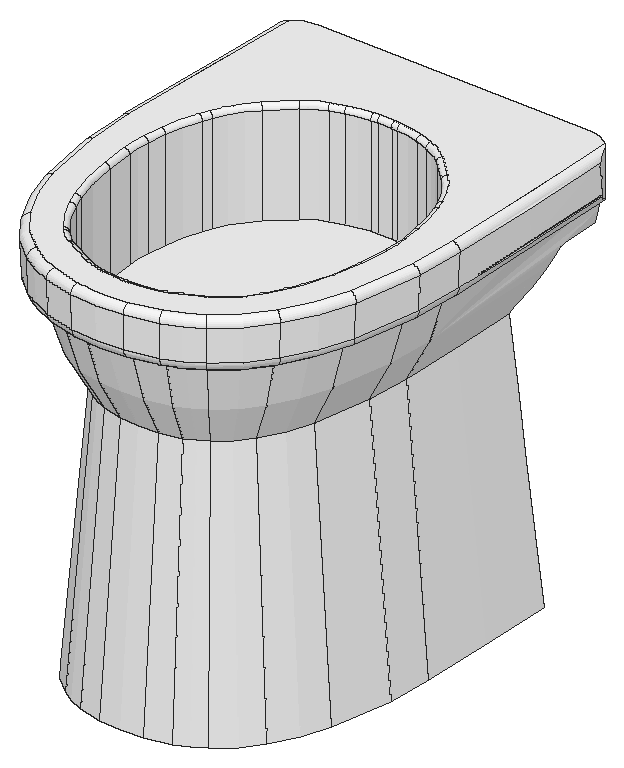
Revit family "NLRS_74_PF_UN_toilet_S8001300000_SPHINX_BCB", category Plumbing Fixtures, Revit 2016
Family settings
  Part Type = Normal
  Round Connector Dimension = Use Radius
  OmniClass Number = 23.45.00.00
  OmniClass Title = Sanitary, Laundry, and Cleaning Equipment
  Work Plane-Based = No
  Always vertical = Yes
  Cut with Voids When Loaded = No
  Shared = No
  Room Calculation Point = No
Parameters (values of type "300 closet 64 PK 3cm")
  NLRS_C_type = "Staand closet vlakspoel verhoogd"  # constant formula
  NLRS_C_serie = "Sphinx 300 Comfort"  # constant formula
  NLRS_C_revit_versie = "2016"
  NLRS_C_content_versie = "2.0"
  NLRS_C_content_provider = "BouwConnect"
  NLRS_C_content_datum_uitgifte = "APR-2018"
  NLRS_C_content_datum_gewijzigd = "APR-2018"
  NLRS_C_content_creator = "BouwConnect"
  NLRS_C_URL_product_data = "http://www.sphinx.nl/producten/special-products/comfort-%7C-care/sphinx-300-comfort-%7C-closet-64-pk-3/27696/#gref"
  NLRS_C_code_artikel = "S8001300000"  # constant formula
  WFU = 0
  URL = "http://www.sphinx.nl/"
  NLRS_S_gewicht = 18.50 kg  # constant formula
  NLRS_C_materiaal = NLRS_g3_porcelein_wit
  NLRS_C_lengte = 470 mm  # constant formula
  NLRS_C_hoogte = 420 mm  # constant formula
  NLRS_C_diameter_uit = 102 mm  # constant formula
  NLRS_C_diameter_in = 55 mm  # constant formula
  NLRS_C_breedte = 355 mm  # constant formula
  Model = "300 closet 64 PK 3cm"  # constant formula
  Manufacturer = "Sphinx"  # constant formula
  Keynote = "closet"
  IfcTypeProduct = "IfcSanitaryTerminalType"  # constant formula
  IfcExportType = "TOILETPAN"  # constant formula
  IfcExportAs = "IfcSanitaryTerminalTypeEnum"  # constant formula
  IfcElement = "IfcFlowTerminal"  # constant formula
  NLRS_C_code_EAN = "8711754164352"  # constant formula
  Description = "toilet"
  CWFU = 0
  NLRS_C_URL_BCB = "http://bcb-online.nl/?zoekterm=Sphinx+++%5bGeberit+B.V.%5d"
  Assembly Code = "4(74.11)"
Reference planes
  plane 1 "Center (Front/Back)": y = 0
  plane 2: z = 0
  plane 3 "Center (Left/Right)": x = 0
Forms (mm)
  Extrusion 1, solid, material "NLRS_g3_porcelein_wit" <- "NLRS_C_materiaal", detail levels medium+fine
    sketch origin (0, 0, 0) x (1, 0, 0) y (0, 1, 0)
      loop
        arc (177.5, -213) -> (176.805, -120.854) -> (174.011, -28.748) r 4044.33
        arc (174.011, -28.748) -> (163.771, -8.262) -> (142.411, 0) r 31.741
        line (142.411, 0) -> (-142.411, 0)
        arc (-142.411, 0) -> (-163.771, -8.262) -> (-174.011, -28.748) r 31.741
        arc (-174.011, -28.748) -> (-176.805, -120.854) -> (-177.5, -213) r 4044.33
        arc (-177.5, -213) -> (-176.916, -238.256) -> (-175.36, -263.47) r 655.762
        arc (-175.36, -263.47) -> (-170.986, -297.87) -> (-163.5, -331.73) r 380.666
        arc (-163.5, -331.73) -> (-151.998, -364.895) -> (-135.94, -396.11) r 248.599
        arc (-135.94, -396.11) -> (-117.281, -420.642) -> (-93.94, -440.77) r 147.801
        arc (-93.94, -440.77) -> (-77.154, -450.828) -> (-59.17, -458.54) r 145.378
        arc (-59.17, -458.54) -> (-43.436, -463.176) -> (-27.31, -466.18) r 160.245
        arc (-27.31, -466.18) -> (0, -467.998) -> (27.31, -466.18) r 206.026
        arc (27.31, -466.18) -> (43.436, -463.176) -> (59.17, -458.54) r 160.245
        arc (59.17, -458.54) -> (77.154, -450.828) -> (93.94, -440.77) r 145.378
        arc (93.94, -440.77) -> (117.281, -420.642) -> (135.94, -396.11) r 147.801
        arc (135.94, -396.11) -> (151.998, -364.895) -> (163.5, -331.73) r 248.599
        arc (163.5, -331.73) -> (170.986, -297.87) -> (175.36, -263.47) r 380.666
        arc (175.36, -263.47) -> (176.916, -238.256) -> (177.5, -213) r 655.762
    from 0 to 420
  Sweep 2, void, detail levels medium+fine
    path in 3D
      loop
        arc (171.449, 24.272, 420) -> (176.215, -94.32, 420) -> (177.5, -213, 420) r 4044.33
        arc (177.5, -213, 420) -> (176.916, -238.256, 420) -> (175.36, -263.47, 420) r 655.762
        arc (175.36, -263.47, 420) -> (170.986, -297.87, 420) -> (163.5, -331.73, 420) r 380.666
        arc (163.5, -331.73, 420) -> (151.998, -364.895, 420) -> (135.94, -396.11, 420) r 248.599
        arc (135.94, -396.11, 420) -> (117.281, -420.642, 420) -> (93.94, -440.77, 420) r 147.801
        arc (93.94, -440.77, 420) -> (77.154, -450.828, 420) -> (59.17, -458.54, 420) r 145.378
        arc (59.17, -458.54, 420) -> (43.436, -463.176, 420) -> (27.31, -466.18, 420) r 160.245
        arc (27.31, -466.18, 420) -> (0, -467.998, 420) -> (-27.31, -466.18, 420) r 206.026
        arc (-27.31, -466.18, 420) -> (-43.436, -463.176, 420) -> (-59.17, -458.54, 420) r 160.245
        arc (-59.17, -458.54, 420) -> (-77.154, -450.828, 420) -> (-93.94, -440.77, 420) r 145.378
        arc (-93.94, -440.77, 420) -> (-117.281, -420.642, 420) -> (-135.94, -396.11, 420) r 147.801
        arc (-135.94, -396.11, 420) -> (-151.998, -364.895, 420) -> (-163.5, -331.73, 420) r 248.599
        arc (-163.5, -331.73, 420) -> (-170.986, -297.87, 420) -> (-175.36, -263.47, 420) r 380.666
        arc (-175.36, -263.47, 420) -> (-176.916, -238.256, 420) -> (-177.5, -213, 420) r 655.762
        arc (-177.5, -213, 420) -> (-176.298, -97.629, 420) -> (-171.806, 17.66, 420) r 4044.33
    profile origin (0, -467.998, 420) x (0, -1, 0) y (0, 0, 1)
      loop
        line (-56.708, -145.654) -> (-31.711, -436.566) -> (11.723, -436.566) -> (11.723, 8.434) -> (-8.277, 8.434) -> (-8.277, 0)
        arc (-8.277, 0) -> (-2.525, -2.44) -> (-0.282, -8.273) r 8
        line (-0.282, -8.273) -> (-1.417, -41.546)
        arc (-1.417, -41.546) -> (-3.569, -47.62) -> (-8.823, -51.35) r 10.68
        line (-8.823, -51.35) -> (-14.271, -53.24)
        arc (-14.271, -53.24) -> (-16.365, -54.638) -> (-17.513, -56.878) r 5
        arc (-17.513, -56.878) -> (-32.728, -103.201) -> (-56.708, -145.654) r 248.11
  Extrusion 3, void, detail levels medium+fine
    sketch origin (0, 0, 0) x (0, 1, 0) y (0, 0, 1)
      loop
        line (-77.748, 284.336) -> (-59.091, -14.567) -> (8.41, -14.567) -> (8.41, 336) -> (-41.59, 336)
        arc (-41.59, 336) -> (-46.72, 334.394) -> (-50.02, 330.15) r 8.999
        arc (-50.02, 330.15) -> (-61.663, 305.899) -> (-77.748, 284.336) r 139.375
    from -186.234 to 190.903
  Sweep 4, void, detail levels medium+fine
    path origin (0, 0, 0) x (1, 0, 0) y (0, 1, 0)
      loop
        line (13.812, -91.048) -> (7.377, -90.56)
        arc (7.377, -90.56) -> (0, -90.28) -> (-7.377, -90.56) r 97.537
        line (-7.377, -90.56) -> (-13.812, -91.048)
        arc (-13.812, -91.048) -> (-25.706, -92.648) -> (-37.336, -95.616) r 103.439
        line (-37.336, -95.616) -> (-51.096, -99.992)
        arc (-51.096, -99.992) -> (-62.094, -104.938) -> (-71.679, -112.256) r 52.674
        line (-71.679, -112.256) -> (-93.986, -133.747)
        arc (-93.986, -133.747) -> (-107.6, -150.097) -> (-117.33, -169.018) r 97.18
        line (-117.33, -169.018) -> (-120.853, -178.232)
        arc (-120.853, -178.232) -> (-126.494, -196.178) -> (-129.919, -214.674) r 155
        line (-129.919, -214.674) -> (-132.332, -234.287)
        arc (-132.332, -234.287) -> (-133.121, -246.227) -> (-132.561, -258.179) r 106.113
        line (-132.561, -258.179) -> (-129.492, -287.795)
        arc (-129.492, -287.795) -> (-124.601, -315.505) -> (-115.81, -342.236) r 196.972
        line (-115.81, -342.236) -> (-110.354, -355.54)
        arc (-110.354, -355.54) -> (-101.315, -373.487) -> (-89.619, -389.826) r 130
        line (-89.619, -389.826) -> (-86.69, -393.312)
        arc (-86.69, -393.312) -> (-80.43, -399.422) -> (-73.092, -404.183) r 44.309
        line (-73.092, -404.183) -> (-43.328, -419.553)
        arc (-43.328, -419.553) -> (-33.978, -423.339) -> (-24.095, -425.355) r 55
        line (-24.095, -425.355) -> (-14.026, -426.46)
        arc (-14.026, -426.46) -> (0, -427.228) -> (14.026, -426.46) r 128.529
        line (14.026, -426.46) -> (24.095, -425.355)
        arc (24.095, -425.355) -> (33.978, -423.339) -> (43.328, -419.553) r 55
        line (43.328, -419.553) -> (73.092, -404.183)
        arc (73.092, -404.183) -> (80.43, -399.422) -> (86.69, -393.312) r 44.309
        line (86.69, -393.312) -> (89.619, -389.826)
        arc (89.619, -389.826) -> (101.315, -373.487) -> (110.354, -355.54) r 130
        line (110.354, -355.54) -> (115.81, -342.236)
        arc (115.81, -342.236) -> (124.601, -315.505) -> (129.492, -287.795) r 196.972
        line (129.492, -287.795) -> (132.561, -258.179)
        arc (132.561, -258.179) -> (133.121, -246.227) -> (132.332, -234.287) r 106.113
        line (132.332, -234.287) -> (129.919, -214.674)
        arc (129.919, -214.674) -> (126.494, -196.178) -> (120.853, -178.232) r 155
        line (120.853, -178.232) -> (117.33, -169.018)
        arc (117.33, -169.018) -> (107.6, -150.097) -> (93.986, -133.747) r 97.18
        line (93.986, -133.747) -> (71.679, -112.256)
        arc (71.679, -112.256) -> (62.094, -104.938) -> (51.096, -99.992) r 52.674
        line (51.096, -99.992) -> (37.336, -95.616)
        arc (37.336, -95.616) -> (25.706, -92.648) -> (13.812, -91.048) r 103.439
    profile origin (10.594, -90.804, 0) x (-0.075634, -0.997136, 0) y (0, 0, 1)
      loop
        line (0, 311.556) -> (30, 311.556) -> (30, 422.936) -> (-5, 422.936) -> (-5, 420)
        arc (-5, 420) -> (-1.464, 418.536) -> (0, 415) r 5
        line (0, 415) -> (0, 311.556)
  Extrusion 5, void, detail levels medium+fine
    sketch origin (0, 0, 0) x (1, 0, 0) y (0, 1, 0)
      loop
        line (13.736, -92.045) -> (0, -91.003) -> (-13.736, -92.045)
        arc (-13.736, -92.045) -> (-25.516, -93.63) -> (-37.033, -96.569) r 102.439
        line (-37.033, -96.569) -> (-50.793, -100.945)
        arc (-50.793, -100.945) -> (-61.583, -105.797) -> (-70.986, -112.976) r 51.674
        line (-70.986, -112.976) -> (-93.292, -134.467)
        arc (-93.292, -134.467) -> (-106.766, -150.649) -> (-116.396, -169.375) r 96.18
        line (-116.396, -169.375) -> (-119.919, -178.59)
        arc (-119.919, -178.59) -> (-125.524, -196.419) -> (-128.927, -214.796) r 154
        line (-128.927, -214.796) -> (-131.34, -234.409)
        arc (-131.34, -234.409) -> (-132.121, -246.236) -> (-131.566, -258.076) r 105.113
        line (-131.566, -258.076) -> (-128.498, -287.692)
        arc (-128.498, -287.692) -> (-123.631, -315.261) -> (-114.885, -341.856) r 195.972
        line (-114.885, -341.856) -> (-109.429, -355.161)
        arc (-109.429, -355.161) -> (-100.459, -372.969) -> (-88.853, -389.183) r 129
        line (-88.853, -389.183) -> (-85.924, -392.669)
        arc (-85.924, -392.669) -> (-79.806, -398.641) -> (-72.633, -403.295) r 43.309
        line (-72.633, -403.295) -> (-42.869, -418.664)
        arc (-42.869, -418.664) -> (-33.689, -422.382) -> (-23.986, -424.361) r 54
        line (-23.986, -424.361) -> (0, -426.994) -> (23.986, -424.361)
        arc (23.986, -424.361) -> (33.689, -422.382) -> (42.869, -418.664) r 54
        line (42.869, -418.664) -> (72.633, -403.295)
        arc (72.633, -403.295) -> (79.806, -398.641) -> (85.924, -392.669) r 43.309
        line (85.924, -392.669) -> (88.853, -389.183)
        arc (88.853, -389.183) -> (100.459, -372.969) -> (109.429, -355.161) r 129
        line (109.429, -355.161) -> (114.885, -341.856)
        arc (114.885, -341.856) -> (123.631, -315.261) -> (128.498, -287.692) r 195.972
        line (128.498, -287.692) -> (131.566, -258.076)
        arc (131.566, -258.076) -> (132.121, -246.236) -> (131.34, -234.409) r 105.113
        line (131.34, -234.409) -> (128.927, -214.796)
        arc (128.927, -214.796) -> (125.524, -196.419) -> (119.919, -178.59) r 154
        line (119.919, -178.59) -> (116.396, -169.375)
        arc (116.396, -169.375) -> (106.766, -150.649) -> (93.292, -134.467) r 96.18
        line (93.292, -134.467) -> (70.986, -112.976)
        arc (70.986, -112.976) -> (61.583, -105.797) -> (50.793, -100.945) r 51.674
        line (50.793, -100.945) -> (37.033, -96.569)
        arc (37.033, -96.569) -> (25.516, -93.63) -> (13.736, -92.045) r 102.439
    from 311.556 to 437.967
  Extrusion 6, solid, material "NLRS_g3_porcelein_wit" <- "NLRS_C_materiaal", detail levels coarse
    sketch origin (0, 0, 0) x (1, 0, 0) y (0, 1, 0)
      loop
        arc (177.5, -213) -> (176.805, -120.854) -> (174.011, -28.748) r 4044.33
        arc (174.011, -28.748) -> (163.771, -8.262) -> (142.411, 0) r 31.741
        line (142.411, 0) -> (-142.411, 0)
        arc (-142.411, 0) -> (-163.771, -8.262) -> (-174.011, -28.748) r 31.741
        arc (-174.011, -28.748) -> (-176.805, -120.854) -> (-177.5, -213) r 4044.33
        arc (-177.5, -213) -> (-176.916, -238.256) -> (-175.36, -263.47) r 655.762
        arc (-175.36, -263.47) -> (-170.986, -297.87) -> (-163.5, -331.73) r 380.666
        arc (-163.5, -331.73) -> (-151.998, -364.895) -> (-135.94, -396.11) r 248.599
        arc (-135.94, -396.11) -> (-117.281, -420.642) -> (-93.94, -440.77) r 147.801
        arc (-93.94, -440.77) -> (-77.154, -450.828) -> (-59.17, -458.54) r 145.378
        arc (-59.17, -458.54) -> (-43.436, -463.176) -> (-27.31, -466.18) r 160.245
        arc (-27.31, -466.18) -> (0, -467.998) -> (27.31, -466.18) r 206.026
        arc (27.31, -466.18) -> (43.436, -463.176) -> (59.17, -458.54) r 160.245
        arc (59.17, -458.54) -> (77.154, -450.828) -> (93.94, -440.77) r 145.378
        arc (93.94, -440.77) -> (117.281, -420.642) -> (135.94, -396.11) r 147.801
        arc (135.94, -396.11) -> (151.998, -364.895) -> (163.5, -331.73) r 248.599
        arc (163.5, -331.73) -> (170.986, -297.87) -> (175.36, -263.47) r 380.666
        arc (175.36, -263.47) -> (176.916, -238.256) -> (177.5, -213) r 655.762
    from 0 to 420
  Extrusion 7, void, detail levels coarse
    sketch origin (0, 0, 0) x (1, 0, 0) y (0, 1, 0)
      loop
        line (13.812, -91.048) -> (7.377, -90.56)
        arc (7.377, -90.56) -> (0, -90.28) -> (-7.377, -90.56) r 97.537
        line (-7.377, -90.56) -> (-13.812, -91.048)
        arc (-13.812, -91.048) -> (-25.706, -92.648) -> (-37.336, -95.616) r 103.439
        line (-37.336, -95.616) -> (-51.096, -99.992)
        arc (-51.096, -99.992) -> (-62.094, -104.938) -> (-71.679, -112.256) r 52.674
        line (-71.679, -112.256) -> (-93.986, -133.747)
        arc (-93.986, -133.747) -> (-107.6, -150.097) -> (-117.33, -169.018) r 97.18
        line (-117.33, -169.018) -> (-120.853, -178.232)
        arc (-120.853, -178.232) -> (-126.494, -196.178) -> (-129.919, -214.674) r 155
        line (-129.919, -214.674) -> (-132.332, -234.287)
        arc (-132.332, -234.287) -> (-133.121, -246.227) -> (-132.561, -258.179) r 106.113
        line (-132.561, -258.179) -> (-129.492, -287.795)
        arc (-129.492, -287.795) -> (-124.601, -315.505) -> (-115.81, -342.236) r 196.972
        line (-115.81, -342.236) -> (-110.354, -355.54)
        arc (-110.354, -355.54) -> (-101.315, -373.487) -> (-89.619, -389.826) r 130
        line (-89.619, -389.826) -> (-86.69, -393.312)
        arc (-86.69, -393.312) -> (-80.43, -399.422) -> (-73.092, -404.183) r 44.309
        line (-73.092, -404.183) -> (-43.328, -419.553)
        arc (-43.328, -419.553) -> (-33.978, -423.339) -> (-24.095, -425.355) r 55
        line (-24.095, -425.355) -> (-14.026, -426.46)
        arc (-14.026, -426.46) -> (0, -427.228) -> (14.026, -426.46) r 128.529
        line (14.026, -426.46) -> (24.095, -425.355)
        arc (24.095, -425.355) -> (33.978, -423.339) -> (43.328, -419.553) r 55
        line (43.328, -419.553) -> (73.092, -404.183)
        arc (73.092, -404.183) -> (80.43, -399.422) -> (86.69, -393.312) r 44.309
        line (86.69, -393.312) -> (89.619, -389.826)
        arc (89.619, -389.826) -> (101.315, -373.487) -> (110.354, -355.54) r 130
        line (110.354, -355.54) -> (115.81, -342.236)
        arc (115.81, -342.236) -> (124.601, -315.505) -> (129.492, -287.795) r 196.972
        line (129.492, -287.795) -> (132.561, -258.179)
        arc (132.561, -258.179) -> (133.121, -246.227) -> (132.332, -234.287) r 106.113
        line (132.332, -234.287) -> (129.919, -214.674)
        arc (129.919, -214.674) -> (126.494, -196.178) -> (120.853, -178.232) r 155
        line (120.853, -178.232) -> (117.33, -169.018)
        arc (117.33, -169.018) -> (107.6, -150.097) -> (93.986, -133.747) r 97.18
        line (93.986, -133.747) -> (71.679, -112.256)
        arc (71.679, -112.256) -> (62.094, -104.938) -> (51.096, -99.992) r 52.674
        line (51.096, -99.992) -> (37.336, -95.616)
        arc (37.336, -95.616) -> (25.706, -92.648) -> (13.812, -91.048) r 103.439
    from 284.336 to 431.623
  Extrusion 8, void, detail levels medium+fine
    sketch origin (0, 0, -245.306) x (1, 0, 0) y (0, 0, 1)
      loop
        circle (0, 619.306) r 27.5
    from -15.346 to 50
  Extrusion 9, solid, material "NLRS_g3_porcelein_wit" <- "NLRS_C_materiaal", detail levels medium+fine
    sketch origin (0, 0, -272.806) x (1, 0, 0) y (0, 0, 1)
      loop
        circle (0, 646.806) r 35.5
    from 0 to 50
  Extrusion 10, void, detail levels medium+fine
    sketch origin (0, 0, -272.806) x (1, 0, 0) y (0, 0, 1)
      loop
        circle (0, 646.806) r 35.5
    from 0 to 50
  Extrusion 11, solid, material "NLRS_g3_porcelein_wit" <- "NLRS_C_materiaal", detail levels medium+fine
    sketch origin (399.686, 0, -64.093) x (1, 0, 0) y (0, 0, 1)
      loop
        circle (-399.686, 244.093) r 51
    from 25 to 85.616
  Extrusion 12, void
    sketch origin (525.092, 0, -91.908) x (1, 0, 0) y (0, 0, 1)
      loop
        circle (-525.092, 271.908) r 51
    from 25 to 101.581
  Extrusion 13, void, detail levels medium+fine
    sketch origin (686.539, 0, -93.221) x (1, 0, 0) y (0, 0, 1)
      loop
        circle (-686.539, 273.221) r 42
    from -10.171 to 101.581
  Extrusion 14, solid, not visible
    sketch origin (0, -25, 0) x (1, 0, 0) y (0, 0, 1)
      loop
        circle (0, 180) r 50
    from 0 to 5
Cuts and joins
  Sweep 2, Extrusion 3, Sweep 4, Extrusion 5, Extrusion 10, Extrusion 12 cuts Extrusion 1
  Extrusion 7 cuts Extrusion 6
  Extrusion 8 cuts Extrusion 9
  Extrusion 13 cuts Extrusion 11
Lines and regions (mm)
  sketch lines
    curve 1: arc (-177.5, -213, 420) -> (-176.298, -97.629, 420) -> (-171.806, 17.66, 420) r 4044.33
    curve 2: arc (-175.36, -263.47, 420) -> (-176.916, -238.256, 420) -> (-177.5, -213, 420) r 655.762
    curve 3: arc (-163.5, -331.73, 420) -> (-170.986, -297.87, 420) -> (-175.36, -263.47, 420) r 380.666
    curve 4: arc (-135.94, -396.11, 420) -> (-151.998, -364.895, 420) -> (-163.5, -331.73, 420) r 248.599
    curve 5: arc (-93.94, -440.77, 420) -> (-117.281, -420.642, 420) -> (-135.94, -396.11, 420) r 147.801
    curve 6: arc (-59.17, -458.54, 420) -> (-77.154, -450.828, 420) -> (-93.94, -440.77, 420) r 145.378
    curve 7: arc (-27.31, -466.18, 420) -> (-43.436, -463.176, 420) -> (-59.17, -458.54, 420) r 160.245
    curve 8: arc (27.31, -466.18, 420) -> (0, -467.998, 420) -> (-27.31, -466.18, 420) r 206.026
    curve 9: arc (59.17, -458.54, 420) -> (43.436, -463.176, 420) -> (27.31, -466.18, 420) r 160.245
    curve 10: arc (93.94, -440.77, 420) -> (77.154, -450.828, 420) -> (59.17, -458.54, 420) r 145.378
    curve 11: arc (135.94, -396.11, 420) -> (117.281, -420.642, 420) -> (93.94, -440.77, 420) r 147.801
    curve 12: arc (163.5, -331.73, 420) -> (151.998, -364.895, 420) -> (135.94, -396.11, 420) r 248.599
    curve 13: arc (175.36, -263.47, 420) -> (170.986, -297.87, 420) -> (163.5, -331.73, 420) r 380.666
    curve 14: arc (177.5, -213, 420) -> (176.916, -238.256, 420) -> (175.36, -263.47, 420) r 655.762
    curve 15: arc (171.449, 24.272, 420) -> (176.215, -94.32, 420) -> (177.5, -213, 420) r 4044.33
Dimensions and locks
  aligned and locked: level to plane 2
Connectors
  piping at (0, -25, 180), diameter 102, driven by "WFU"
    settings: on Extrusion 14, index 1, connector inside diameter 110 mm, connector length 0 mm, flow factor 0, pipe flow 0.0 L/s, pressure drop 0.0 Pa, fitting loss kfactor 0, connector angle 0.00°, fixture units 0, engagement length 0 mm, angle of deflection 0.00°, flow configuration 3, flow direction 2, fitting loss method 0, system type 16, joint type 0, gender type 0, connector reference index -1, connector utility 0, adjustable connector no, is connector primary yes, connector description "out"
